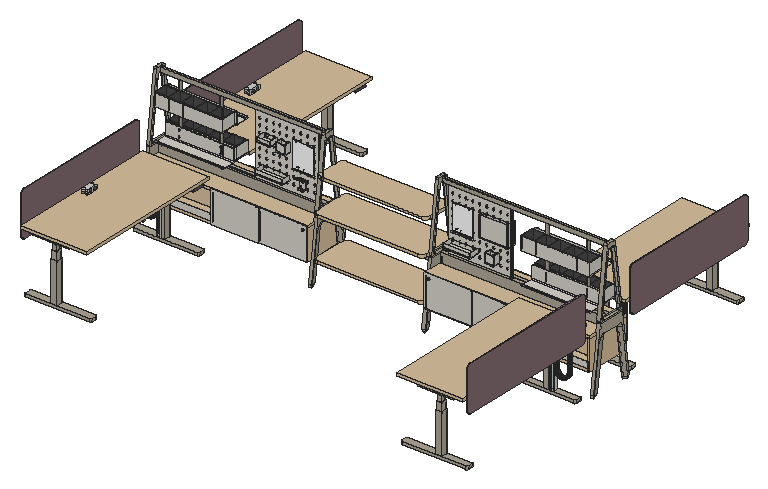
Revit family "Layout-Teknion-Expansion_Cityline_Upper_Structure_01-R2021", category Furniture Systems, Revit 2021 (continued)
Definition of nested family "Desk_Structures-Teknion-JZSFS_EZ_Fence_Leg-R2021"
  Dimensions and locks (in)
    aligned and locked: curve 55 to cut or joined group of Sweep 12, SweptBlend 13
    aligned and locked: curve 57 to cut or joined group of Sweep 12, SweptBlend 13
    aligned and locked: curve 58 to cut or joined group of Sweep 12, SweptBlend 13
    aligned and locked: curve 59 to Sweep 9
    aligned and locked: curve 62 to cut or joined group of Sweep 10, Sweep 11
    aligned and locked: curve 63 to cut or joined group of Sweep 10, Sweep 11
    aligned and locked: curve 64 to plane 6 "Back"
    aligned and locked: curve 65 to plane 4 "Left"
    aligned and locked: plane 7 "Front" to curve 66
    aligned and locked: curve 67 to plane 5 "Right"
    aligned and locked: plane 10 to curve 68
    aligned and locked: curve 69 to plane 9
    aligned and locked: plane 1 "Center Front/Back" to nested 1
    aligned and locked: plane 1 "Center Front/Back" to nested 3
    aligned and locked: plane 1 "Center Front/Back" to nested 2
    aligned and locked: plane 3 "Center Left/Right" to nested 3
    aligned and locked: plane 9 to nested 1
    aligned and locked: nested 4 to plane 1 "Center Front/Back"
    aligned and locked: plane 10 to curve 70
    aligned and locked: curve 71 to plane 9
    aligned and locked: plane 10 to curve 74
    aligned and locked: curve 73 to plane 9
  Automatic sketch dimensions
    SweptBlend 2 sketch curve to SweptBlend 2 sketch curve = 0.000"
    Sweep 4 sketch curve to profile plane = 0.000"
    Sweep 4 sketch curve to profile plane = 1.8134"
    Sweep 4 sketch curve to Sweep 4 sketch curve = 0.23384"  (x2)
    Sweep 4 sketch curve to plane 3 "Center Left/Right" = 0.01579"
    plane 3 "Center Left/Right" to Sweep 4 sketch curve = 0.01579"
    Sweep 5 sketch curve to profile plane = 0.000"
    Masking region 1 sketch curve to plane 6 "Back" = 0.000"
    Masking region 1 sketch curve to plane 9 = 0.000"  (x2)
    Masking region 1 sketch curve to plane 10 = 0.000"
    plane 7 "Front" to Masking region 1 sketch curve = 0.000"
    Masking region 2 sketch curve to plane 6 "Back" = 0.000"
    Masking region 2 sketch curve to plane 9 = 0.000"
    Masking region 2 sketch curve to plane 10 = 0.000"  (x2)
    plane 7 "Front" to Masking region 2 sketch curve = 0.000"
    curve 1 to plane 4 "Left" = 0.000"
    curve 2 to plane 4 "Left" = 0.000"
    curve 62 to plane 4 "Left" = 0.000"
    curve 63 to plane 4 "Left" = 0.000"
    curve 73 to plane 6 "Back" = 0.000"
    plane 7 "Front" to curve 73 = 0.000"
    plane 7 "Front" to curve 74 = 0.000"
    curve 74 to plane 6 "Back" = 0.000"
    curve 62 to plane 5 "Right" = 0.000"
    curve 2 to plane 5 "Right" = 0.000"
    curve 1 to plane 5 "Right" = 0.000"
    curve 63 to plane 5 "Right" = 0.000"
    plane 7 "Front" to curve 70 = 0.000"
    plane 7 "Front" to curve 71 = 0.000"
    curve 70 to plane 6 "Back" = 0.000"
    curve 71 to plane 6 "Back" = 0.000"
    curve 29 to plane 6 "Back" = 0.00733"
    plane 9 to curve 29 = 0.15748"
    curve 24 to plane 3 "Center Left/Right" = 0.13156"
    curve 42 to plane 3 "Center Left/Right" = 0.13156"
    curve 39 to plane 3 "Center Left/Right" = 0.01579"
    plane 3 "Center Left/Right" to curve 36 = 0.01579"
    plane 3 "Center Left/Right" to curve 41 = 0.13156"
    plane 3 "Center Left/Right" to curve 23 = 0.13156"
    plane 10 to curve 28 = 0.15748"
    curve 11 to curve 70 = 0.15748"
    plane 10 to curve 55 = 0.05906"
    curve 13 to curve 23 = 0.31768"
    curve 52 to curve 44 = 1.00817"
    curve 41 to curve 35 = 0.31768"
    curve 32 to curve 38 = 0.13165"
    curve 36 to curve 28 = 0.36751"
    curve 39 to curve 28 = 0.36751"
    curve 49 to curve 44 = 0.000"
    curve 50 to curve 26 = 0.000"
    curve 46 to curve 2 = 0.63189"
    curve 61 to curve 46 = 0.000"
    curve 59 to curve 1 = 0.63189"
    curve 45 to curve 59 = 0.000"
    curve 20 to curve 24 = 0.12947"
    curve 17 to curve 25 = 0.12947"
    curve 3 to curve 54 = 0.01555"
    curve 52 to curve 4 = 0.01555"
    curve 40 to curve 29 = 0.12947"
    curve 41 to curve 31 = 0.12947"
    curve 29 to curve 38 = 0.13165"
    curve 31 to curve 37 = 0.13165"
    curve 37 to curve 30 = 0.10421"
  Nested families (in)
    nested 1: "Teknion_2D_Node_Family-R2016" at (0.07874, 0, 0), visible <- "End", type "Teknion_2D_Node_Family-R2016"
    nested 2: "Teknion_2D_Node_Family-R2016" at (1.65748, 0, 0), type "Teknion_2D_Node_Family-R2016"
    nested 3: "Teknion_2D_Node_Family-R2016" at (0.82874, 0, 0), type "Teknion_2D_Node_Family-R2016"
    nested 4: "Teknion_2D_Node_Family-R2016" at (0, 0, 0) x (-1, 0, 0) z (0, 0, 1), visible <- "In-Line", type "Teknion_2D_Node_Family-R2016"
  Definition of nested family "Teknion_2D_Node_Family-R2016"
    Reference planes (in)
      plane 1 "Center (Front/Back)": y = 0
      plane 2: z = 0
      plane 3 "Center (Left/Right)": x = 0
    Lines and regions (in)
      detail lines, in view "Ref. Level"
        curve 1: circle (0, 0, 0) r 1.25 normal (0, 0, 1)
        curve 2: line (1.91508, -1.91508, 0) -> (-1.91508, 1.91508, 0)
        curve 3: line (-1.91508, -1.91508, 0) -> (1.91508, 1.91508, 0)
Definition of nested family "Desk_Structures-Teknion-JZSUD_EZ_Upper_A_Frame_Shared-R2021"
  Parameters (values of type "Standard Height (28'' Beam Height), 20" Leg Depth, 66" Datum Height")
    Warranty = "http://www.teknion.com/ca/papers/legal-canada"
    Unit Weight URL = "http://www.teknion.com/ca/tools/assets#&asset=bee6a381-b954-425e-8283-5a2de3a804f2,f828d448-4b62-4231-9e5f-9a8991c0ed77"
    URL = "www.teknion.com"
    To render please download texture images found here [instance] = "https://assets.teknion.com/web/5e81352c1dfdb467/revit-material-swatches/"
    Sustainability Data = "https://www.teknion.com/ca/tools/assets#&topic=216f99a5-57a0-44fc-b10a-9dee9b29ae4c&asset=444deb64-fe58-4b68-981e-f75e97781df7,b4ff2d81-9f2e-437d-9659-7cffb09c31cf"
    Series = "Expansion Cityline"  # constant formula
    Product Page URL = "https://www.teknion.com/products/product-details?productLineId=9ad2a26e-8e7a-673b-a6c8-ff05004460c4"
    Product Line = "EZ Fence Structure"  # constant formula
    Product Documentation Link = "https://www.teknion.com/pricing/expansion-cityline/pdfs/JZSUD_ppg.pdf"
    Part Number = "JZSUD"  # constant formula
    Model = "JZSUDC2066"
    Manufacturer Phone = "416-661-3370"  # constant formula
    Manufacturer Fax = "416.661.4586"  # constant formula
    Manufacturer Contact Information = "http://www.teknion.com/ca/contactus"
    Manufacturer Address = "1150 Flint Road, Toronto, ON. M3J 2J5. Canada"  # constant formula
    Manufacturer = "Teknion"  # constant formula
    Leg Depth = ""
    How To Use Teknion Materials User Guide [instance] = "https://assets.teknion.com/m/205dd0a49fa58060/original/How-to-add-a-Material-Library-and-Texture-Images-to-your-Revit-project.pdf"
    Frame Finish [instance] = none
    For Additional Finishes please visit [instance] = "https://assets.teknion.com/m/44a8009b046e5d47/original/Teknion_Materials_Library.zip"
    Dimension 3 = 5.495"
    Dimension 2 = 3.150"
    Dimension 1 = 3.504"
    Description = "EZ Upper A-Frame - Shared - Standard Height (28'' Beam Height), 20\" Leg Depth, 66\" Datum Height"
    Default Elevation = 0.000"
    Datum Height = 66.000"
    Beam Height = 27.811"
    Assembly Code = "E2020200"
    20" = yes
    17" = no
  Types (4): name | Model | Dimension 3 | Dimension 2 | Dimension 1 | Description | Datum Height | Beam Height | 20" | 17"
    (no name) | "JZSUDC2066" | 5.495" | 3.150" | 3.504" | "EZ Upper A-Frame - Shared - Standard Height (28'' Beam Height), 20\" Leg Depth, 66\" Datum Height" | 66.000" | 27.811" | yes | no
    Low Height (18" Beam Height), 17" Leg Depth, 56" Datum Height | "JZSUDL1756" | 5.495" | 3.150" | 3.504" | "EZ Upper A-Frame - Shared - Low Height (18\" Beam Height), 17\" Leg Depth, 56\" Datum Height" | 55.815" | 17.626" | no | yes
    Standard Height (28'' Beam Height), 20" Leg Depth, 66" Datum Height | "JZSUDC2066" | 5.495" | 3.150" | 3.504" | "EZ Upper A-Frame - Shared - Standard Height (28'' Beam Height), 20\" Leg Depth, 66\" Datum Height" | 66.000" | 27.811" | yes | no
    Standard Height (28'' Beam Height), 20" Leg Depth, 57" Datum Height | "JZSUDC2057" | 4.663" | 2.040" | 2.500" | "EZ Upper A-Frame - Shared - Standard Height (28'' Beam Height), 20\" Leg Depth, 57\" Datum Height" | 57.000" | 27.811" | yes | no
  Reference planes (in)
    plane 1 "Center Front/Back": y = 0
    plane 2: z = 0
    plane 3 "Center Left/Right": x = 0
    plane 4 "Left": x = -0.75
    plane 5 "Right": x = 0.75
    plane 6 "Back": y = 5.87783
    plane 7 "Front": y = -5.87783
    plane 8 "Top": z = 66
    plane 9: z = 27.811
  Forms (in)
    Sweep 1, solid, material <- "Frame Finish"
      path origin (0, 0, 0) x (1, 0, 0) y (0, 1, 0)
        loop
          line (0.75, 0) -> (-0.75, 0)
      profile origin (0, 0, 0) x (0, -1, 0) y (0, 0, 1)
        loop
          line (5.87783, 27.811) -> (0.89521, 65.65769)
          arc (0.89521, 65.65769) -> (0.76447, 65.9023) -> (0.50488, 66) r 0.3937
          line (0.50488, 66) -> (-0.50488, 66)
          arc (-0.50488, 66) -> (-0.76447, 65.9023) -> (-0.89521, 65.65769) r 0.3937
          line (-0.89521, 65.65769) -> (-5.87783, 27.811) -> (5.87783, 27.811)
        loop
          line (4.47143, 29.40015) -> (0.11428, 62.496) -> (-0.11428, 62.496) -> (-4.47143, 29.40019)
          arc (-4.47143, 29.40019) -> (-4.33723, 29.02474) -> (-3.97143, 28.86612) r 0.50109
          line (-3.97143, 28.86612) -> (3.97143, 28.86612)
          arc (3.97143, 28.86612) -> (4.33722, 29.02473) -> (4.47143, 29.40015) r 0.50109
    SweptBlend 2, void
      path origin (0, 0, 0) x (1, 0, 0) y (0, 1, 0)
        loop
          line (0.75, 0) -> (0.25, 0)
      profile origin (0.75, 0, 0) x (0, -1, 0) y (0, 0, 1)
        loop
          line (-0.80346, 62.48112) -> (-5.15253, 29.44661)
          arc (-5.15253, 29.44661) -> (-4.83556, 28.55965) -> (-3.97143, 28.1849) r 1.18368
          line (-3.97143, 28.1849) -> (3.97143, 28.1849)
          arc (3.97143, 28.1849) -> (4.83556, 28.55965) -> (5.15253, 29.44661) r 1.18368
          line (5.15253, 29.44661) -> (0.80346, 62.48112)
          arc (0.80346, 62.48112) -> (0.66256, 62.74472) -> (0.38283, 62.85) r 0.42426
          line (0.38283, 62.85) -> (-0.38283, 62.85)
          arc (-0.38283, 62.85) -> (-0.66256, 62.74472) -> (-0.80346, 62.48112) r 0.42426
      end profile origin (0.25, 0, 0) x (0, -1, 0) y (0, 0, 1)
        loop
          line (0.11428, 62.496) -> (-0.11428, 62.496) -> (-4.47143, 29.40019)
          arc (-4.47143, 29.40019) -> (-4.33723, 29.02474) -> (-3.97143, 28.86612) r 0.50109
          line (-3.97143, 28.86612) -> (3.97143, 28.86612)
          arc (3.97143, 28.86612) -> (4.33722, 29.02473) -> (4.47143, 29.40015) r 0.50109
          line (4.47143, 29.40015) -> (0.11428, 62.496)
    SweptBlend 3, void
      path origin (0, 0, 0) x (1, 0, 0) y (0, 1, 0)
        loop
          line (-0.75, 0) -> (-0.25, 0)
      profile origin (-0.75, 0, 0) x (0, 1, 0) y (0, 0, 1)
        loop
          arc (-0.38283, 62.85) -> (-0.66256, 62.74472) -> (-0.80346, 62.48112) r 0.42426
          line (-0.80346, 62.48112) -> (-5.15253, 29.44661)
          arc (-5.15253, 29.44661) -> (-4.83556, 28.55965) -> (-3.97143, 28.1849) r 1.18368
          line (-3.97143, 28.1849) -> (3.97143, 28.1849)
          arc (3.97143, 28.1849) -> (4.83556, 28.55965) -> (5.15253, 29.44661) r 1.18368
          line (5.15253, 29.44661) -> (0.80346, 62.48112)
          arc (0.80346, 62.48112) -> (0.66256, 62.74472) -> (0.38283, 62.85) r 0.42426
          line (0.38283, 62.85) -> (-0.38283, 62.85)
      end profile origin (-0.25, 0, 0) x (0, 1, 0) y (0, 0, 1)
        loop
          arc (3.97143, 28.86612) -> (4.33723, 29.02474) -> (4.47143, 29.40019) r 0.50109
          line (4.47143, 29.40019) -> (0.11428, 62.496) -> (-0.11428, 62.496) -> (-4.47143, 29.40015)
          arc (-4.47143, 29.40015) -> (-4.33722, 29.02473) -> (-3.97143, 28.86612) r 0.50109
          line (-3.97143, 28.86612) -> (3.97143, 28.86612)
    Sweep 4, solid, material <- "Frame Finish"
      path origin (0, 0, 0) x (0, 1, 0) y (0, 0, 1)
        loop
          line (0, 27.69289) -> (0, 27.811)
      profile origin (0, 0, 27.75194) x (0, -1, 0) y (1, 0, 0)
        loop
          line (-5.81877, 0.69094) -> (-5.81877, -0.69094) -> (5.81877, -0.69094) -> (5.81877, 0.69094) -> (-5.81877, 0.69094)
    Sweep 5, void
      path origin (0, 0, 0) x (1, 0, 0) y (0, 0, 1)
        loop
          line (0.75, 66) -> (0.63189, 66)
      profile origin (0.69094, 0, 66) x (0, 0, -1) y (0, -1, 0)
        loop
          line (0.06693, -0.45276) -> (0.31496, -0.45276) -> (0.31496, 0.45276) -> (0.06693, 0.45276) -> (0.06693, -0.45276)
    Sweep 6, void
      path origin (0, 0, 0) x (1, 0, 0) y (0, 0, 1)
        loop
          line (-0.75, 66) -> (-0.63189, 66)
      profile origin (-0.69094, 0, 66) x (0, 0, 1) y (0, -1, 0)
        loop
          line (-0.06693, -0.45276) -> (-0.06693, 0.45276) -> (-0.31496, 0.45276) -> (-0.31496, -0.45276) -> (-0.06693, -0.45276)
  Cuts and joins
    SweptBlend 2, SweptBlend 3, Sweep 5, Sweep 6 cuts Sweep 1
    joined: Sweep 1, Sweep 4
  Lines and regions (in)
    Masking region 1
      outline origin (0, 0, 0) x (1, 0, 0) y (0, 1, 0)
        loop
          line (-0.75, 5.87783) -> (-0.75, -5.87783) -> (0.75, -5.87783) -> (0.75, 5.87783) -> (-0.75, 5.87783)
    reference lines
      curve 1: line (-0.75, 5.87783, 0) -> (0.75, 5.87783, 0)
      curve 2: line (-0.75, 5.87783, 0) -> (-0.75, -5.87783, 0)
      curve 3: line (0.75, 5.87783, 0) -> (0.75, -5.87783, 0)
      curve 4: line (-0.75, -5.87783, 0) -> (0.75, -5.87783, 0)
    symbolic lines, detail levels medium+fine
      curve 5: line (0.69094, 5.81877, 0) -> (-0.69094, 5.81877, 0)
      curve 6: line (-0.69094, 5.81877, 0) -> (-0.69094, -5.81877, 0)
      curve 7: line (0.69094, -5.81877, 0) -> (0.69094, 5.81877, 0)
      curve 8: line (-0.69094, -5.81877, 0) -> (0.69094, -5.81877, 0)
      curve 9: line (0.25, -0.11428, 0) -> (0.25, -4.47143, 0)
      curve 10: line (0.25, -4.47143, 0) -> (0.75, -5.15253, 0)
      curve 11: line (-0.25, -4.47143, 0) -> (-0.75, -5.15253, 0)
      curve 12: line (-0.25, -4.47143, 0) -> (0.25, -4.47143, 0)
      curve 13: line (-0.25, -4.47143, 0) -> (-0.25, -0.11428, 0)
      curve 14: line (-0.25, 4.47143, 0) -> (-0.75, 5.15253, 0)
      curve 15: line (0.75, 5.15253, 0) -> (0.25, 4.47143, 0)
      curve 16: line (-0.25, 4.47143, 0) -> (0.25, 4.47143, 0)
      curve 17: line (-0.25, 0.11428, 0) -> (-0.25, 4.47143, 0)
      curve 18: line (0.25, 4.47143, 0) -> (0.25, 0.11428, 0)
      curve 19: line (-0.25, 0.11428, 0) -> (0.25, 0.11428, 0)
      curve 20: line (0.25, -0.11428, 0) -> (-0.25, -0.11428, 0)
      curve 21: line (-0.25, -0.11428, 0) -> (-0.25, 0.11428, 0)
      curve 22: line (0.25, 0.11428, 0) -> (0.25, -0.11428, 0)
    symbolic lines, detail levels fine
      curve 23: line (0.75, 0.45276, 0) -> (0.63189, 0.45276, 0)
      curve 24: line (0.63189, 0.45276, 0) -> (0.63189, -0.45276, 0)
      curve 25: line (0.63189, -0.45276, 0) -> (0.75, -0.45276, 0)
      curve 26: line (-0.63189, 0.45276, 0) -> (-0.75, 0.45276, 0)
      curve 27: line (-0.63189, -0.45276, 0) -> (-0.63189, 0.45276, 0)
      curve 28: line (-0.75, -0.45276, 0) -> (-0.63189, -0.45276, 0)
  Dimensions and locks (in)
    locked: plane 4 "Left" to plane 5 "Right" at 1.5
    locked: plane 6 "Back" to plane 7 "Front" at 11.75565
    "Datum Height": plane 8 "Top" to level
    equal spacing: plane 6 "Back", plane 1 "Center Front/Back", plane 7 "Front"
    equal spacing: plane 4 "Left", plane 3 "Center Left/Right", plane 5 "Right"
    "Beam Height": plane 9 to plane 2
    "Dimension 1": Sweep 1 sketch curve to plane 8 "Top"
    locked: plane 8 "Top" to Sweep 1 sketch curve at 0.3937  (x2)
    locked: Sweep 1 sketch curve to Sweep 1 sketch curve at 1.18693  (x2)
    Sweep 1 sketch curve to Sweep 1 sketch curve to plane 9 = 0.50109" locked, 1.05512" locked
    locked: Sweep 1 sketch curve to plane 9 at 1.55621
    Sweep 1 sketch curve to plane 1 "Center Front/Back" to Sweep 1 sketch curve = 3.97143" locked, 3.97143" locked
    locked: SweptBlend 2 sketch curve to plane 5 "Right" at 0.5
    SweptBlend 2 sketch curve to SweptBlend 2 sketch curve to plane 1 "Center Front/Back" to SweptBlend 2 sketch curve to SweptBlend 2 sketch curve = 1.1811" locked, 3.97143" locked, 3.97143" locked, 1.1811" locked
    SweptBlend 2 sketch curve to SweptBlend 2 sketch curve to plane 9 = 1.18368" locked, 0.3739" locked
    locked: SweptBlend 2 sketch curve to plane 9 at 1.55758
    "Dimension 3": plane 7 "Front" to SweptBlend 2 sketch curve
    "Dimension 3": SweptBlend 2 sketch curve to plane 6 "Back"
    "Dimension 2": SweptBlend 2 sketch curve to plane 8 "Top"
    "Dimension 1": plane 8 "Top" to SweptBlend 2 sketch curve
    SweptBlend 2 sketch curve to SweptBlend 2 sketch curve to SweptBlend 2 sketch curve to plane 9 = 0.000" locked, 0.50109" locked, 1.05512" locked
    SweptBlend 2 sketch curve to SweptBlend 2 sketch curve to plane 1 "Center Front/Back" to SweptBlend 2 sketch curve to SweptBlend 2 sketch curve = 0.500" locked, 3.97143" locked, 3.97143" locked, 0.500" locked
    locked: plane 4 "Left" to SweptBlend 3 sketch curve at 0.5
    "Dimension 1": SweptBlend 3 sketch curve to plane 8 "Top"
    SweptBlend 3 sketch curve to SweptBlend 3 sketch curve to SweptBlend 3 sketch curve to plane 9 = 0.000" locked, 0.50109" locked, 1.05512" locked
    SweptBlend 3 sketch curve to SweptBlend 3 sketch curve to plane 1 "Center Front/Back" to SweptBlend 3 sketch curve to SweptBlend 3 sketch curve = 0.500" locked, 3.97143" locked, 3.97143" locked, 0.500" locked
    locked: plane 9 to Sweep 4 sketch curve at 0.11811
    Sweep 4 sketch curve to plane 3 "Center Left/Right" to Sweep 4 sketch curve = 0.69094" locked, 0.69094" locked
    Sweep 4 sketch curve to plane 1 "Center Front/Back" to Sweep 4 sketch curve = 5.81877" locked, 5.81877" locked
    plane 8 "Top" to plane 2 = 66.000"
    "Dimension 3": plane 7 "Front" to SweptBlend 3 sketch curve
    "Dimension 3": SweptBlend 3 sketch curve to plane 6 "Back"
    "Dimension 2": plane 8 "Top" to SweptBlend 3 sketch curve
    SweptBlend 3 sketch curve to plane 1 "Center Front/Back" to SweptBlend 3 sketch curve = 5.15253" locked, 5.15253" locked
    SweptBlend 3 sketch curve to SweptBlend 3 sketch curve to SweptBlend 3 sketch curve to plane 9 = 0.000" locked, 1.18368" locked, 0.3739" locked
    SweptBlend 3 sketch curve to plane 1 "Center Front/Back" to SweptBlend 3 sketch curve = 3.97143" locked, 3.97143" locked
    locked: Sweep 5 sketch curve to plane 5 "Right" at 0.11811
    locked: Sweep 5 sketch curve to plane 8 "Top" at 0.06693
    locked: plane 1 "Center Front/Back" to Sweep 5 sketch curve at 0.45276
    locked: Sweep 6 sketch curve to plane 4 "Left" at 0.11811
    locked: Sweep 6 sketch curve to plane 8 "Top" at 0.06693
    locked: Sweep 6 sketch curve to plane 1 "Center Front/Back" at 0.45276
    locked: Sweep 1 sketch curve to plane 7 "Front" (angle 7.50°)
    locked: plane 6 "Back" to Sweep 1 sketch curve (angle 7.50°)
    locked: SweptBlend 2 sketch curve to plane 7 "Front" (angle 7.50°)  (x2)
    locked: plane 6 "Back" to SweptBlend 2 sketch curve (angle 7.50°)  (x2)
    locked: SweptBlend 3 sketch curve to plane 7 "Front" (angle 7.50°)  (x2)
    locked: plane 6 "Back" to SweptBlend 3 sketch curve (angle 7.50°)  (x2)
    aligned and locked: level to plane 2
    aligned and locked: Sweep 1 sketch curve to plane 1 "Center Front/Back"
    aligned and locked: plane 4 "Left" to Sweep 1 sketch curve
    aligned and locked: plane 5 "Right" to Sweep 1 sketch curve
    aligned and locked: Sweep 1 sketch curve to plane 9
    aligned and locked: plane 7 "Front" to Sweep 1 sketch curve
    aligned and locked: plane 6 "Back" to Sweep 1 sketch curve
    aligned and locked: plane 8 "Top" to Sweep 1 sketch curve
    aligned and locked: SweptBlend 2 sketch curve to plane 1 "Center Front/Back"
    aligned and locked: plane 5 "Right" to SweptBlend 2 sketch curve
    aligned and locked: SweptBlend 3 sketch curve to plane 1 "Center Front/Back"
    aligned and locked: plane 4 "Left" to SweptBlend 3 sketch curve
    aligned and locked: Sweep 4 sketch curve to plane 1 "Center Front/Back"
    aligned and locked: plane 9 to Sweep 4 sketch curve
    aligned and locked: curve 1 to plane 6 "Back"
    aligned and locked: curve 2 to plane 4 "Left"
    aligned and locked: curve 3 to plane 5 "Right"
    aligned and locked: curve 4 to plane 7 "Front"
    aligned and locked: Masking region 1 sketch curve to plane 6 "Back"
    aligned and locked: Masking region 1 sketch curve to plane 4 "Left"
    aligned and locked: Masking region 1 sketch curve to plane 5 "Right"
    aligned and locked: Masking region 1 sketch curve to plane 7 "Front"
    aligned and locked: curve 5 to Sweep 4
    aligned and locked: curve 6 to Sweep 4
    aligned and locked: curve 7 to Sweep 4
    aligned and locked: curve 8 to Sweep 4
    aligned and locked: curve 9 to cut or joined group of Sweep 1, SweptBlend 2, SweptBlend 3, Sweep 4, Sweep 5, Sweep 6
    aligned and locked: curve 10 to cut or joined group of Sweep 1, SweptBlend 2, SweptBlend 3, Sweep 4, Sweep 5, Sweep 6
    aligned and locked: curve 12 to cut or joined group of Sweep 1, SweptBlend 2, SweptBlend 3, Sweep 4, Sweep 5, Sweep 6
    aligned and locked: curve 13 to cut or joined group of Sweep 1, SweptBlend 2, SweptBlend 3, Sweep 4, Sweep 5, Sweep 6
    aligned and locked: curve 14 to cut or joined group of Sweep 1, SweptBlend 2, SweptBlend 3, Sweep 4, Sweep 5, Sweep 6
    aligned and locked: curve 15 to cut or joined group of Sweep 1, SweptBlend 2, SweptBlend 3, Sweep 4, Sweep 5, Sweep 6
    aligned and locked: curve 16 to cut or joined group of Sweep 1, SweptBlend 2, SweptBlend 3, Sweep 4, Sweep 5, Sweep 6
    aligned and locked: curve 17 to cut or joined group of Sweep 1, SweptBlend 2, SweptBlend 3, Sweep 4, Sweep 5, Sweep 6
    aligned and locked: curve 18 to cut or joined group of Sweep 1, SweptBlend 2, SweptBlend 3, Sweep 4, Sweep 5, Sweep 6
    aligned and locked: curve 19 to cut or joined group of Sweep 1, SweptBlend 2, SweptBlend 3, Sweep 4, Sweep 5, Sweep 6
    aligned and locked: curve 20 to cut or joined group of Sweep 1, SweptBlend 2, SweptBlend 3, Sweep 4, Sweep 5, Sweep 6
    aligned and locked: curve 21 to cut or joined group of Sweep 1, SweptBlend 2, SweptBlend 3, Sweep 4, Sweep 5, Sweep 6
    aligned and locked: curve 22 to cut or joined group of Sweep 1, SweptBlend 2, SweptBlend 3, Sweep 4, Sweep 5, Sweep 6
    aligned and locked: nested 1 to plane 1 "Center Front/Back"
    aligned and locked: plane 3 "Center Left/Right" to nested 1
    aligned and locked: plane 8 "Top" to Sweep 5 sketch curve
    aligned and locked: plane 5 "Right" to Sweep 5 sketch curve
    aligned and locked: Sweep 6 sketch curve to plane 8 "Top"
    aligned and locked: plane 4 "Left" to Sweep 6 sketch curve
    aligned and locked: curve 23 to cut or joined group of Sweep 1, SweptBlend 2, SweptBlend 3, Sweep 4, Sweep 5, Sweep 6
    aligned and locked: curve 24 to cut or joined group of Sweep 1, SweptBlend 2, SweptBlend 3, Sweep 4, Sweep 5, Sweep 6
    aligned and locked: curve 25 to cut or joined group of Sweep 1, SweptBlend 2, SweptBlend 3, Sweep 4, Sweep 5, Sweep 6
    aligned and locked: curve 26 to cut or joined group of Sweep 1, SweptBlend 2, SweptBlend 3, Sweep 4, Sweep 5, Sweep 6
    aligned and locked: curve 27 to cut or joined group of Sweep 1, SweptBlend 2, SweptBlend 3, Sweep 4, Sweep 5, Sweep 6
    aligned and locked: curve 28 to cut or joined group of Sweep 1, SweptBlend 2, SweptBlend 3, Sweep 4, Sweep 5, Sweep 6
  Automatic sketch dimensions
    curve 10 to plane 5 "Right" = 0.000"
    curve 11 to plane 4 "Left" = 0.000"
    curve 6 to curve 11 = 0.66624"
    curve 14 to plane 4 "Left" = 0.000"
    curve 15 to plane 5 "Right" = 0.000"
    Sweep 5 sketch curve to Sweep 5 sketch curve = 0.24803"
    Sweep 5 sketch curve to plane 1 "Center Front/Back" = 0.45276"
    profile plane to Sweep 6 sketch curve = 0.31496"
    plane 1 "Center Front/Back" to Sweep 6 sketch curve = 0.45276"
    curve 23 to plane 5 "Right" = 0.000"
    curve 25 to plane 5 "Right" = 0.000"
    curve 26 to plane 4 "Left" = 0.000"
    curve 28 to plane 4 "Left" = 0.000"
  Nested families (in)
    nested 1: "Teknion_2D_Node_Family-R2016" at (0, 0, 0), type "Teknion_2D_Node_Family-R2016"
  Definition of nested family "Teknion_2D_Node_Family-R2016"
    Reference planes (in)
      plane 1 "Center (Front/Back)": y = 0
      plane 2: z = 0
      plane 3 "Center (Left/Right)": x = 0
    Lines and regions (in)
      detail lines, in view "Ref. Level"
        curve 1: circle (0, 0, 0) r 1.25 normal (0, 0, 1)
        curve 2: line (1.91508, -1.91508, 0) -> (-1.91508, 1.91508, 0)
        curve 3: line (-1.91508, -1.91508, 0) -> (1.91508, 1.91508, 0)
Definition of nested family "Desk_Structures-Teknion-JZSULS_EZ_Upper_A_Frame_For_Laminate_Shelves_Shared-R2021"
  Parameters (values of type "57" Datum Height, Shelves On One Side")
    Warranty = "http://www.teknion.com/ca/papers/legal-canada"
    Unit Weight URL = "http://www.teknion.com/ca/tools/assets#&asset=bee6a381-b954-425e-8283-5a2de3a804f2,f828d448-4b62-4231-9e5f-9a8991c0ed77"
    URL = "www.teknion.com"
    To render please download texture images found here [instance] = "https://assets.teknion.com/web/5e81352c1dfdb467/revit-material-swatches/"
    Sustainability Data = "https://www.teknion.com/ca/tools/assets#&topic=216f99a5-57a0-44fc-b10a-9dee9b29ae4c&asset=444deb64-fe58-4b68-981e-f75e97781df7,b4ff2d81-9f2e-437d-9659-7cffb09c31cf"
    Shelves On Two Sides = no
    Shelves On One Side = yes
    Series = "Expansion Cityline"  # constant formula
    Product Page URL = "https://www.teknion.com/products/product-details?productLineId=9ad2a26e-8e7a-673b-a6c8-ff05004460c4"
    Product Line = "EZ Fence Structure"  # constant formula
    Product Documentation Link = "https://www.teknion.com/pricing/expansion-cityline/pdfs/JZSULS_ppg.pdf"
    Part Number = "JZSULS"  # constant formula
    Model = "JZSULSC2057O"
    Manufacturer Phone = "416-661-3370"  # constant formula
    Manufacturer Fax = "416.661.4586"  # constant formula
    Manufacturer Contact Information = "http://www.teknion.com/ca/contactus"
    Manufacturer Address = "1150 Flint Road, Toronto, ON. M3J 2J5. Canada"  # constant formula
    Manufacturer = "Teknion"  # constant formula
    How To Use Teknion Materials User Guide [instance] = "https://assets.teknion.com/m/205dd0a49fa58060/original/How-to-add-a-Material-Library-and-Texture-Images-to-your-Revit-project.pdf"
    Frame Finish [instance] = none
    For Additional Finishes please visit [instance] = "https://assets.teknion.com/m/44a8009b046e5d47/original/Teknion_Materials_Library.zip"
    Dimension 3 = 4.663"
    Dimension 2 = 2.040"
    Dimension 1 = 2.500"
    Description = "EZ Upper A-Frame for Laminate Shelves - Shared - Standard Height (28\" Beam Height), 20\" Leg Depth, 57\" Datum Height, Shelves On One Side Configuration"
    Default Elevation = 0.000"
    Datum Height = 57.000"
    Cut-Out Top Hole - Side 2 = if((and(Datum Height > 57.000", (Shelves On Two Sides))), 1.000", 0.200")  # 0.200"
    Cut-Out Top Hole - Side 1 = if((and(Datum Height > 57.000", (or(Shelves On One Side, Shelves On Two Sides)))), 1.000", 0.200")  # 0.200"
    Cut-Out Bottom Hole - Side 2 = if((Shelves On Two Sides), 1.000", 0.200")  # 0.200"
    Cut-Out Bottom Hole - Side 1 = if((or(Shelves On One Side, Shelves On Two Sides)), 1.000", 0.200")  # 1.000"
    Assembly Code = "E2020200"
    2D - Top Hole - Side 2 = and(Datum Height > 57.000", (Shelves On Two Sides))  # no
    2D - Top Hole - Side 1 = and(Datum Height > 57.000", (or(Shelves On One Side, Shelves On Two Sides)))  # no
    2D - Bottom Hole - Side 2 = (Shelves On Two Sides)  # no
    2D - Bottom Hole - Side 1 = or(Shelves On One Side, Shelves On Two Sides)  # yes
  Types (5): name | Shelves On Two Sides | Shelves On One Side | Model | Dimension 3 | Dimension 2 | Dimension 1 | Description | Datum Height | Cut-Out Top Hole - Side 2 | Cut-Out Top Hole - Side 1 | Cut-Out Bottom Hole - Side 2 | 2D - Top Hole - Side 2 | 2D - Top Hole - Side 1 | 2D - Bottom Hole - Side 2
    (no name) | no | yes | "JZSULSC2057O" | 4.663" | 2.040" | 2.500" | "EZ Upper A-Frame for Laminate Shelves - Shared - Standard Height (28\" Beam Height), 20\" Leg Depth, 57\" Datum Height, Shelves On One Side Configuration" | 57.000" | 0.200" | 0.200" | 0.200" | no | no | no
    66" Datum Height, Shelves On One Side | no | yes | "JZSULSC2066O" | 5.495" | 3.150" | 3.504" | "EZ Upper A-Frame for Laminate Shelves - Shared - Standard Height (28\" Beam Height), 20\" Leg Depth, 66\" Datum Height, Shelves On One Side Configuration" | 66.000" | 0.200" | 1.000" | 0.200" | no | yes | no
    57" Datum Height, Shelves On One Side | no | yes | "JZSULSC2057O" | 4.663" | 2.040" | 2.500" | "EZ Upper A-Frame for Laminate Shelves - Shared - Standard Height (28\" Beam Height), 20\" Leg Depth, 57\" Datum Height, Shelves On One Side Configuration" | 57.000" | 0.200" | 0.200" | 0.200" | no | no | no
    57" Datum Height, Shelves On Two Sides | yes | no | "JZSULSC2057T" | 4.663" | 2.040" | 2.500" | "EZ Upper A-Frame for Laminate Shelves - Shared - Standard Height (28\" Beam Height), 20\" Leg Depth, 57\" Datum Height, Shelves On Two Sides Configuration" | 57.000" | 0.200" | 0.200" | 1.000" | no | no | yes
    66" Datum Height, Shelves On Two Sides | yes | no | "JZSULSC2066T" | 5.495" | 3.150" | 3.504" | "EZ Upper A-Frame for Laminate Shelves - Shared - Standard Height (28\" Beam Height), 20\" Leg Depth, 66\" Datum Height, Shelves On Two Sides Configuration" | 66.000" | 1.000" | 1.000" | 1.000" | yes | yes | yes
  Reference planes (in)
    plane 1 "Center Front/Back": y = 0
    plane 2: z = 0
    plane 3 "Center Left/Right": x = 0
    plane 4 "Left": x = -0.75
    plane 5 "Right": x = 0.75
    plane 6 "Back": y = 5.87783
    plane 7 "Front": y = -5.87783
    plane 8 "Top": z = 57
    plane 9: z = 27.811
  Forms (in)
    Sweep 1, solid, material <- "Frame Finish"
      path origin (0, 0, 0) x (1, 0, 0) y (0, 1, 0)
        loop
          line (0.75, 0) -> (-0.75, 0)
      profile origin (0, 0, 0) x (0, -1, 0) y (0, 0, 1)
        loop
          line (5.87783, 27.811) -> (2.08009, 56.65769)
          arc (2.08009, 56.65769) -> (1.94934, 56.9023) -> (1.68975, 57) r 0.3937
          line (1.68975, 57) -> (-1.68975, 57)
          arc (-1.68975, 57) -> (-1.94934, 56.9023) -> (-2.08009, 56.65769) r 0.3937
          line (-2.08009, 56.65769) -> (-5.87783, 27.811) -> (5.87783, 27.811)
        loop
          line (4.47143, 29.40015) -> (1.16698, 54.5) -> (-1.16698, 54.5) -> (-4.47143, 29.40019)
          arc (-4.47143, 29.40019) -> (-4.33723, 29.02474) -> (-3.97143, 28.86612) r 0.50109
          line (-3.97143, 28.86612) -> (3.97143, 28.86612)
          arc (3.97143, 28.86612) -> (4.33722, 29.02473) -> (4.47143, 29.40015) r 0.50109
    SweptBlend 2, void
      path origin (0, 0, 0) x (1, 0, 0) y (0, 1, 0)
        loop
          line (0.75, 0) -> (0.25, 0)
      profile origin (0.75, 0, 0) x (0, -1, 0) y (0, 0, 1)
        loop
          line (-1.86918, 54.38615) -> (-5.15253, 29.44661)
          arc (-5.15253, 29.44661) -> (-4.83556, 28.55965) -> (-3.97143, 28.1849) r 1.18368
          line (-3.97143, 28.1849) -> (3.97143, 28.1849)
          arc (3.97143, 28.1849) -> (4.83556, 28.55965) -> (5.15253, 29.44661) r 1.18368
          line (5.15253, 29.44661) -> (1.86918, 54.38615)
          arc (1.86918, 54.38615) -> (1.64999, 54.79621) -> (1.21483, 54.96) r 0.66
          line (1.21483, 54.96) -> (-1.21483, 54.96)
          arc (-1.21483, 54.96) -> (-1.64999, 54.79621) -> (-1.86918, 54.38615) r 0.66
      end profile origin (0.25, 0, 0) x (0, -1, 0) y (0, 0, 1)
        loop
          line (1.16698, 54.5) -> (-1.16698, 54.5) -> (-4.47143, 29.40019)
          arc (-4.47143, 29.40019) -> (-4.33723, 29.02474) -> (-3.97143, 28.86612) r 0.50109
          line (-3.97143, 28.86612) -> (3.97143, 28.86612)
          arc (3.97143, 28.86612) -> (4.33722, 29.02473) -> (4.47143, 29.40015) r 0.50109
          line (4.47143, 29.40015) -> (1.16698, 54.5)
    SweptBlend 3, void
      path origin (0, 0, 0) x (1, 0, 0) y (0, 1, 0)
        loop
          line (-0.75, 0) -> (-0.25, 0)
      profile origin (-0.75, 0, 0) x (0, 1, 0) y (0, 0, 1)
        loop
          arc (-1.21483, 54.96) -> (-1.64999, 54.79621) -> (-1.86918, 54.38615) r 0.66
          line (-1.86918, 54.38615) -> (-5.15253, 29.44661)
          arc (-5.15253, 29.44661) -> (-4.83556, 28.55965) -> (-3.97143, 28.1849) r 1.18368
          line (-3.97143, 28.1849) -> (3.97143, 28.1849)
          arc (3.97143, 28.1849) -> (4.83556, 28.55965) -> (5.15253, 29.44661) r 1.18368
          line (5.15253, 29.44661) -> (1.86918, 54.38615)
          arc (1.86918, 54.38615) -> (1.64999, 54.79621) -> (1.21483, 54.96) r 0.66
          line (1.21483, 54.96) -> (-1.21483, 54.96)
      end profile origin (-0.25, 0, 0) x (0, 1, 0) y (0, 0, 1)
        loop
          arc (3.97143, 28.86612) -> (4.33723, 29.02474) -> (4.47143, 29.40019) r 0.50109
          line (4.47143, 29.40019) -> (1.16698, 54.5) -> (-1.16698, 54.5) -> (-4.47143, 29.40015)
          arc (-4.47143, 29.40015) -> (-4.33722, 29.02473) -> (-3.97143, 28.86612) r 0.50109
          line (-3.97143, 28.86612) -> (3.97143, 28.86612)
    Sweep 4, solid, material <- "Frame Finish"
      path origin (0, 0, 0) x (0, 1, 0) y (0, 0, 1)
        loop
          line (0, 27.69289) -> (0, 27.811)
      profile origin (0, 0, 27.75194) x (0, -1, 0) y (1, 0, 0)
        loop
          line (-5.81877, 0.69094) -> (-5.81877, -0.69094) -> (5.81877, -0.69094) -> (5.81877, 0.69094) -> (-5.81877, 0.69094)
    Sweep 5, void
      path origin (0, 0, 0) x (1, 0, 0) y (0, 1, 0)
        loop
          line (1.1563, 0) -> (1.3563, 0)
      profile origin (1.2563, 0, 0) x (0, 1, 0) y (0, 0, 1)
        loop
          circle (-1.97196, 55.54134) r 0.15748
        loop
          circle (1.97196, 55.54134) r 0.15748
    Sweep 6, void
      path origin (0, 0, 0) x (1, 0, 0) y (0, 1, 0)
        loop
          line (1.3563, 0) -> (0.3563, 0)
      profile origin (0.8563, 0, 0) x (0, -1, 0) y (0, 0, 1)
        loop
          circle (3.80188, 41.64173) r 0.15748
        loop
          circle (-3.80188, 41.64173) r 0.15748
    Sweep 7, void
      path origin (0, 0, 0) x (1, 0, 0) y (0, 1, 0)
        loop
          line (-1.1563, 0) -> (-1.3563, 0)
      profile origin (-1.2563, 0, 0) x (0, -1, 0) y (0, 0, 1)
        loop
          circle (1.97196, 55.54134) r 0.15748
        loop
          circle (-1.97196, 55.54134) r 0.15748
    Sweep 8, void
      path origin (0, 0, 0) x (1, 0, 0) y (0, 1, 0)
        loop
          line (-1.1563, 0) -> (-1.3563, 0)
      profile origin (-1.2563, 0, 0) x (0, -1, 0) y (0, 0, 1)
        loop
          circle (3.80188, 41.64173) r 0.15748
        loop
          circle (-3.80188, 41.64173) r 0.15748
    Sweep 9, void
      path origin (0, 0, 0) x (1, 0, 0) y (0, 0, 1)
        loop
          line (0.75, 57) -> (0.63189, 57)
      profile origin (0.69094, 0, 57) x (0, 0, -1) y (0, -1, 0)
        loop
          line (0.06693, -0.45276) -> (0.31496, -0.45276) -> (0.31496, 0.45276) -> (0.06693, 0.45276) -> (0.06693, -0.45276)
    Sweep 10, void
      path origin (0, 0, 0) x (1, 0, 0) y (0, 0, 1)
        loop
          line (-0.75, 57) -> (-0.63189, 57)
      profile origin (-0.69094, 0, 57) x (0, 0, 1) y (0, -1, 0)
        loop
          line (-0.06693, -0.45276) -> (-0.06693, 0.45276) -> (-0.31496, 0.45276) -> (-0.31496, -0.45276) -> (-0.06693, -0.45276)
  Cuts and joins
    SweptBlend 2, SweptBlend 3, Sweep 5, Sweep 6, Sweep 7, Sweep 8, Sweep 9, Sweep 10 cuts Sweep 1
    joined: Sweep 1, Sweep 4
  Lines and regions (in)
    Masking region 1
      outline origin (0, 0, 0) x (1, 0, 0) y (0, 1, 0)
        loop
          line (-0.75, 5.87783) -> (-0.75, -5.87783) -> (0.75, -5.87783) -> (0.75, 5.87783) -> (-0.75, 5.87783)
    reference lines
      curve 1: line (-0.75, 5.87783, 0) -> (0.75, 5.87783, 0)
      curve 2: line (-0.75, 5.87783, 0) -> (-0.75, -5.87783, 0)
      curve 3: line (0.75, 5.87783, 0) -> (0.75, -5.87783, 0)
      curve 4: line (-0.75, -5.87783, 0) -> (0.75, -5.87783, 0)
    symbolic lines, detail levels medium+fine
      curve 5: line (0.69094, 5.81877, 0) -> (-0.69094, 5.81877, 0)
      curve 6: line (-0.69094, 5.81877, 0) -> (-0.69094, -5.81877, 0)
      curve 7: line (0.69094, -5.81877, 0) -> (0.69094, 5.81877, 0)
      curve 8: line (-0.69094, -5.81877, 0) -> (0.69094, -5.81877, 0)
      curve 9: line (0.25, -1.16698, 0) -> (0.25, -4.47143, 0)
      curve 10: line (0.25, -4.47143, 0) -> (0.75, -5.15253, 0)
      curve 11: line (-0.25, -4.47143, 0) -> (-0.75, -5.15253, 0)
      curve 12: line (-0.25, -4.47143, 0) -> (0.25, -4.47143, 0)
      curve 13: line (-0.25, -4.47143, 0) -> (-0.25, -1.16698, 0)
      curve 14: line (-0.25, 4.47143, 0) -> (-0.75, 5.15253, 0)
      curve 15: line (0.75, 5.15253, 0) -> (0.25, 4.47143, 0)
      curve 16: line (-0.25, 4.47143, 0) -> (0.25, 4.47143, 0)
      curve 17: line (-0.25, 1.16698, 0) -> (-0.25, 4.47143, 0)
      curve 18: line (0.25, 4.47143, 0) -> (0.25, 1.16698, 0)
      curve 19: line (-0.25, 1.16698, 0) -> (0.25, 1.16698, 0)
      curve 20: line (0.25, -1.16698, 0) -> (-0.25, -1.16698, 0)
      curve 21: line (-0.25, -1.16698, 0) -> (-0.25, 1.16698, 0)
      curve 22: line (0.25, 1.16698, 0) -> (0.25, -1.16698, 0)
    symbolic lines, visible <- "2D - Top Hole - Side 1", detail levels fine
      curve 23: line (0.75, 2.12944, 0) -> (1.1563, 2.12944, 0)
      curve 24: line (1.1563, 2.12944, 0) -> (1.1563, 1.81448, 0)
      curve 25: line (1.1563, 1.81448, 0) -> (0.75, 1.81448, 0)
      curve 26: line (0.75, -2.12944, 0) -> (1.1563, -2.12944, 0)
      curve 27: line (1.1563, -2.12944, 0) -> (1.1563, -1.81448, 0)
      curve 28: line (1.1563, -1.81448, 0) -> (0.75, -1.81448, 0)
    symbolic lines, visible <- "2D - Top Hole - Side 2", detail levels fine
      curve 29: line (-0.75, 2.12944, 0) -> (-1.1563, 2.12944, 0)
      curve 30: line (-1.1563, 2.12944, 0) -> (-1.1563, 1.81448, 0)
      curve 31: line (-1.1563, 1.81448, 0) -> (-0.75, 1.81448, 0)
      curve 32: line (-0.75, -2.12944, 0) -> (-1.1563, -2.12944, 0)
      curve 33: line (-1.1563, -2.12944, 0) -> (-1.1563, -1.81448, 0)
      curve 34: line (-1.1563, -1.81448, 0) -> (-0.75, -1.81448, 0)
    symbolic lines, visible <- "2D - Bottom Hole - Side 1", detail levels fine
      curve 35: line (0.75, 3.95936, 0) -> (0.3563, 3.95936, 0)
      curve 36: line (0.3563, 3.95936, 0) -> (0.3563, 3.6444, 0)
      curve 37: line (0.3563, 3.6444, 0) -> (0.75, 3.6444, 0)
      curve 41: line (0.75, -3.95936, 0) -> (0.3563, -3.95936, 0)
      curve 42: line (0.3563, -3.95936, 0) -> (0.3563, -3.6444, 0)
      curve 43: line (0.3563, -3.6444, 0) -> (0.75, -3.6444, 0)
    symbolic lines, visible <- "2D - Bottom Hole - Side 2", detail levels fine
      curve 38: line (-0.75, 3.95936, 0) -> (-1.1563, 3.95936, 0)
      curve 39: line (-1.1563, 3.95936, 0) -> (-1.1563, 3.6444, 0)
      curve 40: line (-1.1563, 3.6444, 0) -> (-0.75, 3.6444, 0)
      curve 44: line (-0.75, -3.95936, 0) -> (-1.1563, -3.95936, 0)
      curve 45: line (-1.1563, -3.95936, 0) -> (-1.1563, -3.6444, 0)
      curve 46: line (-1.1563, -3.6444, 0) -> (-0.75, -3.6444, 0)
    symbolic lines, detail levels fine
      curve 47: line (-0.63189, 0.45276, 0) -> (-0.75, 0.45276, 0)
      curve 48: line (-0.63189, -0.45276, 0) -> (-0.63189, 0.45276, 0)
      curve 49: line (-0.75, -0.45276, 0) -> (-0.63189, -0.45276, 0)
      curve 50: line (0.63189, 0.45276, 0) -> (0.63189, -0.45276, 0)
      curve 51: line (0.75, 0.45276, 0) -> (0.63189, 0.45276, 0)
      curve 52: line (0.63189, -0.45276, 0) -> (0.75, -0.45276, 0)
  Dimensions and locks (in)
    locked: plane 4 "Left" to plane 5 "Right" at 1.5
    locked: plane 6 "Back" to plane 7 "Front" at 11.75565
    "Datum Height": plane 8 "Top" to level
    equal spacing: plane 6 "Back", plane 1 "Center Front/Back", plane 7 "Front"
    equal spacing: plane 4 "Left", plane 3 "Center Left/Right", plane 5 "Right"
    locked: plane 9 to plane 2 at 27.811
    "Dimension 1": Sweep 1 sketch curve to plane 8 "Top"
    locked: plane 8 "Top" to Sweep 1 sketch curve at 0.3937  (x2)
    locked: Sweep 1 sketch curve to Sweep 1 sketch curve at 1.18693  (x2)
    Sweep 1 sketch curve to Sweep 1 sketch curve to plane 9 = 0.50109" locked, 1.05512" locked
    locked: Sweep 1 sketch curve to plane 9 at 1.55621
    Sweep 1 sketch curve to plane 1 "Center Front/Back" to Sweep 1 sketch curve = 3.97143" locked, 3.97143" locked
    locked: SweptBlend 2 sketch curve to plane 5 "Right" at 0.5
    SweptBlend 2 sketch curve to SweptBlend 2 sketch curve to plane 1 "Center Front/Back" to SweptBlend 2 sketch curve to SweptBlend 2 sketch curve = 1.1811" locked, 3.97143" locked, 3.97143" locked, 1.1811" locked
    SweptBlend 2 sketch curve to SweptBlend 2 sketch curve to plane 9 = 1.18368" locked, 0.3739" locked
    locked: SweptBlend 2 sketch curve to plane 9 at 1.55758
    "Dimension 3": plane 7 "Front" to SweptBlend 2 sketch curve
    "Dimension 3": SweptBlend 2 sketch curve to plane 6 "Back"
    "Dimension 2": SweptBlend 2 sketch curve to plane 8 "Top"
    "Dimension 1": plane 8 "Top" to SweptBlend 2 sketch curve
    SweptBlend 2 sketch curve to SweptBlend 2 sketch curve to SweptBlend 2 sketch curve to plane 9 = 0.000" locked, 0.50109" locked, 1.05512" locked
    SweptBlend 2 sketch curve to SweptBlend 2 sketch curve to plane 1 "Center Front/Back" to SweptBlend 2 sketch curve to SweptBlend 2 sketch curve = 0.500" locked, 3.97143" locked, 3.97143" locked, 0.500" locked
    locked: plane 4 "Left" to SweptBlend 3 sketch curve at 0.5
    "Dimension 1": SweptBlend 3 sketch curve to plane 8 "Top"
    SweptBlend 3 sketch curve to SweptBlend 3 sketch curve to SweptBlend 3 sketch curve to plane 9 = 0.000" locked, 0.50109" locked, 1.05512" locked
    SweptBlend 3 sketch curve to SweptBlend 3 sketch curve to plane 1 "Center Front/Back" to SweptBlend 3 sketch curve to SweptBlend 3 sketch curve = 0.500" locked, 3.97143" locked, 3.97143" locked, 0.500" locked
    locked: plane 9 to Sweep 4 sketch curve at 0.11811
    Sweep 4 sketch curve to plane 3 "Center Left/Right" to Sweep 4 sketch curve = 0.69094" locked, 0.69094" locked
    Sweep 4 sketch curve to plane 1 "Center Front/Back" to Sweep 4 sketch curve = 5.81877" locked, 5.81877" locked
    plane 8 "Top" to plane 2 = 57.000"
    "Dimension 3": plane 7 "Front" to SweptBlend 3 sketch curve
    "Dimension 3": SweptBlend 3 sketch curve to plane 6 "Back"
    "Dimension 2": plane 8 "Top" to SweptBlend 3 sketch curve
    SweptBlend 3 sketch curve to plane 1 "Center Front/Back" to SweptBlend 3 sketch curve = 5.15253" locked, 5.15253" locked
    SweptBlend 3 sketch curve to SweptBlend 3 sketch curve to SweptBlend 3 sketch curve to plane 9 = 0.000" locked, 1.18368" locked, 0.3739" locked
    SweptBlend 3 sketch curve to plane 1 "Center Front/Back" to SweptBlend 3 sketch curve = 3.97143" locked, 3.97143" locked
    locked: plane 5 "Right" to Sweep 5 sketch curve at 0.6063
    "Cut-Out Top Hole - Side 1": Sweep 5 sketch curve to Sweep 5 sketch curve
    locked: Sweep 5 sketch curve to plane 9 at 27.73034  (x2)
    Sweep 5 sketch curve to plane 1 "Center Front/Back" to Sweep 5 sketch curve = 1.97196" locked, 1.97196" locked
    locked: plane 5 "Right" to Sweep 6 sketch curve at 0.6063
    "Cut-Out Bottom Hole - Side 1": Sweep 6 sketch curve to Sweep 6 sketch curve
    locked: Sweep 6 sketch curve to plane 9 at 13.83073  (x2)
    Sweep 6 sketch curve to plane 1 "Center Front/Back" to Sweep 6 sketch curve = 3.80188" locked, 3.80188" locked
    locked: Sweep 7 sketch curve to plane 4 "Left" at 0.6063
    "Cut-Out Top Hole - Side 2": Sweep 7 sketch curve to Sweep 7 sketch curve
    Sweep 7 sketch curve to plane 1 "Center Front/Back" to Sweep 7 sketch curve = 1.97196" locked, 1.97196" locked
    locked: Sweep 7 sketch curve to plane 2 at 55.54134  (x2)
    locked: Sweep 8 sketch curve to plane 4 "Left" at 0.6063
    "Cut-Out Bottom Hole - Side 2": Sweep 8 sketch curve to Sweep 8 sketch curve
    locked: Sweep 8 sketch curve to plane 9 at 13.83073  (x2)
    Sweep 8 sketch curve to plane 1 "Center Front/Back" to Sweep 8 sketch curve = 3.80188" locked, 3.80188" locked
    locked: Sweep 9 sketch curve to plane 5 "Right" at 0.11811
    locked: Sweep 9 sketch curve to plane 8 "Top" at 0.06693
    locked: plane 1 "Center Front/Back" to Sweep 9 sketch curve at 0.45276
    locked: Sweep 10 sketch curve to plane 4 "Left" at 0.11811
    locked: plane 8 "Top" to Sweep 9 at 0.06693
    locked: plane 1 "Center Front/Back" to Sweep 9 at 0.45276
    locked: Sweep 1 sketch curve to plane 7 "Front" (angle 7.50°)
    locked: plane 6 "Back" to Sweep 1 sketch curve (angle 7.50°)
    locked: SweptBlend 2 sketch curve to plane 7 "Front" (angle 7.50°)  (x2)
    locked: plane 6 "Back" to SweptBlend 2 sketch curve (angle 7.50°)  (x2)
    locked: SweptBlend 3 sketch curve to plane 7 "Front" (angle 7.50°)  (x2)
    locked: plane 6 "Back" to SweptBlend 3 sketch curve (angle 7.50°)  (x2)
    aligned and locked: level to plane 2
    aligned and locked: Sweep 1 sketch curve to plane 1 "Center Front/Back"
    aligned and locked: plane 4 "Left" to Sweep 1 sketch curve
    aligned and locked: plane 5 "Right" to Sweep 1 sketch curve
    aligned and locked: Sweep 1 sketch curve to plane 9
    aligned and locked: plane 7 "Front" to Sweep 1 sketch curve
    aligned and locked: plane 6 "Back" to Sweep 1 sketch curve
    aligned and locked: plane 8 "Top" to Sweep 1 sketch curve
    aligned and locked: SweptBlend 2 sketch curve to plane 1 "Center Front/Back"
    aligned and locked: plane 5 "Right" to SweptBlend 2 sketch curve
    aligned and locked: SweptBlend 3 sketch curve to plane 1 "Center Front/Back"
    aligned and locked: plane 4 "Left" to SweptBlend 3 sketch curve
    aligned and locked: Sweep 4 sketch curve to plane 1 "Center Front/Back"
    aligned and locked: plane 9 to Sweep 4 sketch curve
    aligned and locked: curve 1 to plane 6 "Back"
    aligned and locked: curve 2 to plane 4 "Left"
    aligned and locked: curve 3 to plane 5 "Right"
    aligned and locked: curve 4 to plane 7 "Front"
    aligned and locked: Masking region 1 sketch curve to plane 6 "Back"
    aligned and locked: Masking region 1 sketch curve to plane 4 "Left"
    aligned and locked: Masking region 1 sketch curve to plane 5 "Right"
    aligned and locked: Masking region 1 sketch curve to plane 7 "Front"
    aligned and locked: curve 5 to Sweep 4
    aligned and locked: curve 6 to Sweep 4
    aligned and locked: curve 7 to Sweep 4
    aligned and locked: curve 8 to Sweep 4
    aligned and locked: curve 9 to cut or joined group of Sweep 1, SweptBlend 2, SweptBlend 3, Sweep 4, Sweep 5, Sweep 6, Sweep 7, Sweep 8, Sweep 9, Sweep 10
    aligned and locked: curve 10 to cut or joined group of Sweep 1, SweptBlend 2, SweptBlend 3, Sweep 4, Sweep 5, Sweep 6, Sweep 7, Sweep 8, Sweep 9, Sweep 10
    aligned and locked: curve 12 to cut or joined group of Sweep 1, SweptBlend 2, SweptBlend 3, Sweep 4, Sweep 5, Sweep 6, Sweep 7, Sweep 8, Sweep 9, Sweep 10
    aligned and locked: curve 13 to cut or joined group of Sweep 1, SweptBlend 2, SweptBlend 3, Sweep 4, Sweep 5, Sweep 6, Sweep 7, Sweep 8, Sweep 9, Sweep 10
    aligned and locked: curve 14 to cut or joined group of Sweep 1, SweptBlend 2, SweptBlend 3, Sweep 4, Sweep 5, Sweep 6, Sweep 7, Sweep 8, Sweep 9, Sweep 10
    aligned and locked: curve 15 to cut or joined group of Sweep 1, SweptBlend 2, SweptBlend 3, Sweep 4, Sweep 5, Sweep 6, Sweep 7, Sweep 8, Sweep 9, Sweep 10
    aligned and locked: curve 16 to cut or joined group of Sweep 1, SweptBlend 2, SweptBlend 3, Sweep 4, Sweep 5, Sweep 6, Sweep 7, Sweep 8, Sweep 9, Sweep 10
    aligned and locked: curve 17 to cut or joined group of Sweep 1, SweptBlend 2, SweptBlend 3, Sweep 4, Sweep 5, Sweep 6, Sweep 7, Sweep 8, Sweep 9, Sweep 10
    aligned and locked: curve 18 to cut or joined group of Sweep 1, SweptBlend 2, SweptBlend 3, Sweep 4, Sweep 5, Sweep 6, Sweep 7, Sweep 8, Sweep 9, Sweep 10
    aligned and locked: curve 19 to cut or joined group of Sweep 1, SweptBlend 2, SweptBlend 3, Sweep 4, Sweep 5, Sweep 6, Sweep 7, Sweep 8, Sweep 9, Sweep 10
    aligned and locked: curve 20 to cut or joined group of Sweep 1, SweptBlend 2, SweptBlend 3, Sweep 4, Sweep 5, Sweep 6, Sweep 7, Sweep 8, Sweep 9, Sweep 10
    aligned and locked: curve 21 to cut or joined group of Sweep 1, SweptBlend 2, SweptBlend 3, Sweep 4, Sweep 5, Sweep 6, Sweep 7, Sweep 8, Sweep 9, Sweep 10
    aligned and locked: curve 22 to cut or joined group of Sweep 1, SweptBlend 2, SweptBlend 3, Sweep 4, Sweep 5, Sweep 6, Sweep 7, Sweep 8, Sweep 9, Sweep 10
    aligned and locked: plane 1 "Center Front/Back" to Sweep 5 sketch curve
    aligned and locked: Sweep 6 sketch curve to plane 1 "Center Front/Back"
    aligned and locked: plane 1 "Center Front/Back" to Sweep 7 sketch curve
    aligned and locked: plane 1 "Center Front/Back" to Sweep 8 sketch curve
    aligned and locked: curve 45 to cut or joined group of Sweep 1, SweptBlend 2, SweptBlend 3, Sweep 4, Sweep 5, Sweep 6, Sweep 7, Sweep 8, Sweep 9, Sweep 10
    aligned and locked: curve 43 to cut or joined group of Sweep 1, SweptBlend 2, SweptBlend 3, Sweep 4, Sweep 5, Sweep 6, Sweep 7, Sweep 8, Sweep 9, Sweep 10
    aligned and locked: curve 41 to cut or joined group of Sweep 1, SweptBlend 2, SweptBlend 3, Sweep 4, Sweep 5, Sweep 6, Sweep 7, Sweep 8, Sweep 9, Sweep 10
    aligned and locked: curve 42 to cut or joined group of Sweep 1, SweptBlend 2, SweptBlend 3, Sweep 4, Sweep 5, Sweep 6, Sweep 7, Sweep 8, Sweep 9, Sweep 10
    aligned and locked: cut or joined group of Sweep 1, SweptBlend 2, SweptBlend 3, Sweep 4, Sweep 5, Sweep 6, Sweep 7, Sweep 8, Sweep 9, Sweep 10 to curve 27
    aligned and locked: curve 33 to cut or joined group of Sweep 1, SweptBlend 2, SweptBlend 3, Sweep 4, Sweep 5, Sweep 6, Sweep 7, Sweep 8, Sweep 9, Sweep 10
    aligned and locked: curve 39 to cut or joined group of Sweep 1, SweptBlend 2, SweptBlend 3, Sweep 4, Sweep 5, Sweep 6, Sweep 7, Sweep 8, Sweep 9, Sweep 10
    aligned and locked: curve 35 to cut or joined group of Sweep 1, SweptBlend 2, SweptBlend 3, Sweep 4, Sweep 5, Sweep 6, Sweep 7, Sweep 8, Sweep 9, Sweep 10
    aligned and locked: curve 37 to cut or joined group of Sweep 1, SweptBlend 2, SweptBlend 3, Sweep 4, Sweep 5, Sweep 6, Sweep 7, Sweep 8, Sweep 9, Sweep 10
    aligned and locked: curve 36 to cut or joined group of Sweep 1, SweptBlend 2, SweptBlend 3, Sweep 4, Sweep 5, Sweep 6, Sweep 7, Sweep 8, Sweep 9, Sweep 10
    aligned and locked: curve 24 to cut or joined group of Sweep 1, SweptBlend 2, SweptBlend 3, Sweep 4, Sweep 5, Sweep 6, Sweep 7, Sweep 8, Sweep 9, Sweep 10
    aligned and locked: cut or joined group of Sweep 1, SweptBlend 2, SweptBlend 3, Sweep 4, Sweep 5, Sweep 6, Sweep 7, Sweep 8, Sweep 9, Sweep 10 to curve 30
    aligned and locked: nested 1 to plane 1 "Center Front/Back"
    aligned and locked: plane 3 "Center Left/Right" to nested 1
    aligned and locked: plane 8 "Top" to Sweep 9 sketch curve
    aligned and locked: plane 5 "Right" to Sweep 9 sketch curve
    aligned and locked: plane 4 "Left" to Sweep 10 sketch curve
    aligned and locked: Sweep 10 sketch curve to plane 8 "Top"
    aligned and locked: curve 47 to cut or joined group of Sweep 1, SweptBlend 2, SweptBlend 3, Sweep 4, Sweep 5, Sweep 6, Sweep 7, Sweep 8, Sweep 9, Sweep 10
    aligned and locked: curve 48 to cut or joined group of Sweep 1, SweptBlend 2, SweptBlend 3, Sweep 4, Sweep 5, Sweep 6, Sweep 7, Sweep 8, Sweep 9, Sweep 10
    aligned and locked: curve 49 to cut or joined group of Sweep 1, SweptBlend 2, SweptBlend 3, Sweep 4, Sweep 5, Sweep 6, Sweep 7, Sweep 8, Sweep 9, Sweep 10
    aligned and locked: curve 50 to cut or joined group of Sweep 1, SweptBlend 2, SweptBlend 3, Sweep 4, Sweep 5, Sweep 6, Sweep 7, Sweep 8, Sweep 9, Sweep 10
    aligned and locked: curve 51 to cut or joined group of Sweep 1, SweptBlend 2, SweptBlend 3, Sweep 4, Sweep 5, Sweep 6, Sweep 7, Sweep 8, Sweep 9, Sweep 10
    aligned and locked: curve 52 to cut or joined group of Sweep 1, SweptBlend 2, SweptBlend 3, Sweep 4, Sweep 5, Sweep 6, Sweep 7, Sweep 8, Sweep 9, Sweep 10
  Automatic sketch dimensions
    Sweep 5 sketch curve to Sweep 5 sketch curve = 0.15748"  (x2)
    Sweep 5 sketch curve to Sweep 5 sketch curve = 0.000"  (x4)
    Sweep 6 sketch curve to Sweep 6 sketch curve = 0.15748"  (x2)
    Sweep 6 sketch curve to Sweep 6 sketch curve = 0.000"  (x4)
    Sweep 7 sketch curve to Sweep 7 sketch curve = 0.15748"  (x2)
    Sweep 7 sketch curve to Sweep 7 sketch curve = 0.000"  (x4)
    Sweep 8 sketch curve to Sweep 8 sketch curve = 0.15748"  (x2)
    Sweep 8 sketch curve to Sweep 8 sketch curve = 0.000"  (x4)
    curve 46 to plane 4 "Left" = 0.000"
    curve 29 to plane 4 "Left" = 0.000"
    curve 14 to plane 4 "Left" = 0.000"
    curve 31 to plane 4 "Left" = 0.000"
    curve 32 to plane 4 "Left" = 0.000"
    curve 40 to plane 4 "Left" = 0.000"
    curve 11 to plane 4 "Left" = 0.000"
    curve 34 to plane 4 "Left" = 0.000"
    curve 38 to plane 4 "Left" = 0.000"
    curve 44 to plane 4 "Left" = 0.000"
    curve 41 to plane 5 "Right" = 0.000"
    curve 37 to plane 5 "Right" = 0.000"
    curve 35 to plane 5 "Right" = 0.000"
    curve 43 to plane 5 "Right" = 0.000"
    curve 28 to plane 5 "Right" = 0.000"
    curve 25 to plane 5 "Right" = 0.000"
    curve 23 to plane 5 "Right" = 0.000"
    curve 15 to plane 5 "Right" = 0.000"
    curve 10 to plane 5 "Right" = 0.000"
    curve 26 to plane 5 "Right" = 0.000"
    curve 6 to curve 11 = 0.66624"
    curve 11 to curve 45 = 0.51207"
    curve 44 to curve 45 = 0.31496"
    curve 33 to curve 13 = 0.96247"
    curve 27 to curve 9 = 0.96247"
    curve 32 to curve 33 = 0.31496"
    curve 26 to curve 28 = 0.31496"
    curve 18 to curve 25 = 0.64751"
    curve 17 to curve 30 = 0.64751"
    curve 30 to curve 29 = 0.31496"
    curve 24 to curve 24 = 0.31496"
    curve 40 to curve 14 = 0.82703"
    curve 39 to curve 38 = 0.31496"
    Sweep 9 sketch curve to Sweep 9 sketch curve = 0.24803"
    Sweep 9 sketch curve to plane 1 "Center Front/Back" = 0.45276"
    profile plane to Sweep 10 sketch curve = 0.31496"
    profile plane to Sweep 10 sketch curve = 0.06693"
    Sweep 10 sketch curve to plane 1 "Center Front/Back" = 0.45276"
    plane 1 "Center Front/Back" to Sweep 10 sketch curve = 0.45276"
    curve 47 to plane 4 "Left" = 0.000"
    curve 49 to plane 4 "Left" = 0.000"
    curve 51 to plane 5 "Right" = 0.000"
    curve 52 to plane 5 "Right" = 0.000"
  Nested families (in)
    nested 1: "Teknion_2D_Node_Family-R2016" at (0, 0, 0), type "Teknion_2D_Node_Family-R2016"
  Definition of nested family "Teknion_2D_Node_Family-R2016"
    Reference planes (in)
      plane 1 "Center (Front/Back)": y = 0
      plane 2: z = 0
      plane 3 "Center (Left/Right)": x = 0
    Lines and regions (in)
      detail lines, in view "Ref. Level"
        curve 1: circle (0, 0, 0) r 1.25 normal (0, 0, 1)
        curve 2: line (1.91508, -1.91508, 0) -> (-1.91508, 1.91508, 0)
        curve 3: line (-1.91508, -1.91508, 0) -> (1.91508, 1.91508, 0)
Definition of nested family "Storage-Teknion-JZTBS_Laminate_Shelves_EZ_Upper_A_Frame_Mounted-R2021"
  Parameters (values of type "Three Shelves")
    Width [instance] = 84.000"
    Warranty = "http://www.teknion.com/ca/papers/legal-canada"
    Unit Weight URL = "http://www.teknion.com/ca/tools/assets#&asset=bee6a381-b954-425e-8283-5a2de3a804f2,f828d448-4b62-4231-9e5f-9a8991c0ed77"
    URL = "www.teknion.com"
    Top Shelves = yes
    To render please download texture images found here [instance] = "https://assets.teknion.com/web/5e81352c1dfdb467/revit-material-swatches/"
    Sustainability Data = "https://www.teknion.com/ca/tools/assets#&topic=216f99a5-57a0-44fc-b10a-9dee9b29ae4c&asset=444deb64-fe58-4b68-981e-f75e97781df7,b4ff2d81-9f2e-437d-9659-7cffb09c31cf"
    Shelf Finish [instance] = none
    Series = "Expansion Cityline"  # constant formula
    Product Page URL = "https://www.teknion.com/ca/products/product-details?productLineId=9ad2a26e-8e7a-673b-a6c8-ff05004460c4"
    Product Line = "EZ Lift & Drop Tiles And Shelves"  # constant formula
